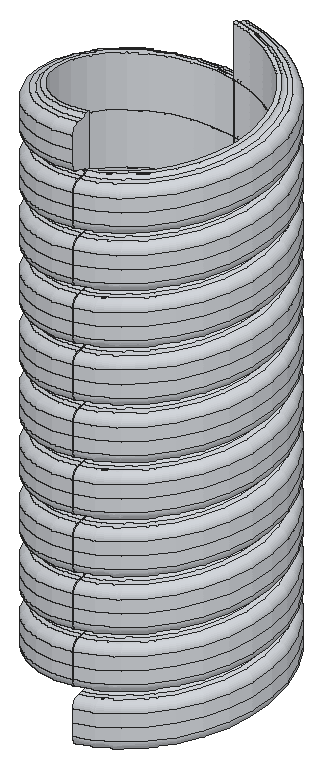
Revit family "110611-00019 Муфта соединительная резьбовая ССД-Пайп 75 мм", category Обобщенные модели, Revit 2019 (continued)
Automatic sketch dimensions
  SweptBlend 20 sketch curve to SweptBlend 20 sketch curve = 1.5 mm  (x2)
  profile plane to SweptBlend 20 sketch curve = 26.489 mm
  SweptBlend 20 sketch curve to SweptBlend 20 sketch curve = 0.788 mm  (x2)
  SweptBlend 20 sketch curve to SweptBlend 20 sketch curve = 0.328 mm  (x4)
  SweptBlend 20 sketch curve to SweptBlend 20 sketch curve = 4.743 mm  (x4)
  SweptBlend 20 sketch curve to SweptBlend 20 sketch curve = 1.181 mm  (x2)
  profile plane to SweptBlend 20 sketch curve = 45.789 mm
  profile plane to SweptBlend 19 sketch curve = 16.2 mm  (x2)
  SweptBlend 19 sketch curve to SweptBlend 19 sketch curve = 2.851 mm  (x3)
  SweptBlend 19 sketch curve to SweptBlend 19 sketch curve = 3.451 mm  (x2)
  SweptBlend 19 sketch curve to SweptBlend 19 sketch curve = 1.511 mm  (x4)
  SweptBlend 19 sketch curve to SweptBlend 19 sketch curve = 1.858 mm  (x4)
  SweptBlend 19 sketch curve to SweptBlend 19 sketch curve = 1.491 mm  (x3)
  SweptBlend 19 sketch curve to SweptBlend 19 sketch curve = 1.5 mm  (x3)
  profile plane to SweptBlend 19 sketch curve = 26.489 mm
  SweptBlend 19 sketch curve to SweptBlend 19 sketch curve = 0.788 mm  (x3)
  SweptBlend 19 sketch curve to SweptBlend 19 sketch curve = 0.328 mm  (x4)
  SweptBlend 19 sketch curve to SweptBlend 19 sketch curve = 4.743 mm  (x4)
  SweptBlend 19 sketch curve to SweptBlend 19 sketch curve = 1.509 mm
  SweptBlend 19 sketch curve to SweptBlend 19 sketch curve = 0.599 mm  (x2)
  profile plane to SweptBlend 19 sketch curve = 45.789 mm
  SweptBlend 19 sketch curve to SweptBlend 19 sketch curve = 1.181 mm
  profile plane to SweptBlend 22 sketch curve = 16.2 mm  (x2)
  SweptBlend 22 sketch curve to SweptBlend 22 sketch curve = 2.851 mm  (x4)
  SweptBlend 22 sketch curve to SweptBlend 22 sketch curve = 3.451 mm  (x4)
  SweptBlend 22 sketch curve to SweptBlend 22 sketch curve = 1.511 mm  (x4)
  SweptBlend 22 sketch curve to SweptBlend 22 sketch curve = 1.858 mm  (x4)
  SweptBlend 22 sketch curve to SweptBlend 22 sketch curve = 1.491 mm  (x4)
  SweptBlend 22 sketch curve to SweptBlend 22 sketch curve = 1.5 mm  (x2)
  profile plane to SweptBlend 22 sketch curve = 26.489 mm
  SweptBlend 22 sketch curve to SweptBlend 22 sketch curve = 0.788 mm  (x2)
  SweptBlend 22 sketch curve to SweptBlend 22 sketch curve = 0.328 mm  (x4)
  SweptBlend 22 sketch curve to SweptBlend 22 sketch curve = 4.743 mm  (x4)
  SweptBlend 22 sketch curve to SweptBlend 22 sketch curve = 1.181 mm  (x2)
  profile plane to SweptBlend 22 sketch curve = 45.789 mm
  profile plane to SweptBlend 21 sketch curve = 16.2 mm  (x2)
  SweptBlend 21 sketch curve to SweptBlend 21 sketch curve = 2.851 mm  (x3)
  SweptBlend 21 sketch curve to SweptBlend 21 sketch curve = 3.451 mm  (x2)
  SweptBlend 21 sketch curve to SweptBlend 21 sketch curve = 1.511 mm  (x4)
  SweptBlend 21 sketch curve to SweptBlend 21 sketch curve = 1.858 mm  (x4)
  SweptBlend 21 sketch curve to SweptBlend 21 sketch curve = 1.491 mm  (x3)
  SweptBlend 21 sketch curve to SweptBlend 21 sketch curve = 1.5 mm  (x3)
  profile plane to SweptBlend 21 sketch curve = 26.489 mm
  SweptBlend 21 sketch curve to SweptBlend 21 sketch curve = 0.788 mm  (x3)
  SweptBlend 21 sketch curve to SweptBlend 21 sketch curve = 0.328 mm  (x4)
  SweptBlend 21 sketch curve to SweptBlend 21 sketch curve = 4.743 mm  (x4)
  SweptBlend 21 sketch curve to SweptBlend 21 sketch curve = 1.509 mm
  SweptBlend 21 sketch curve to SweptBlend 21 sketch curve = 0.599 mm  (x2)
  profile plane to SweptBlend 21 sketch curve = 45.789 mm
  SweptBlend 21 sketch curve to SweptBlend 21 sketch curve = 1.181 mm
